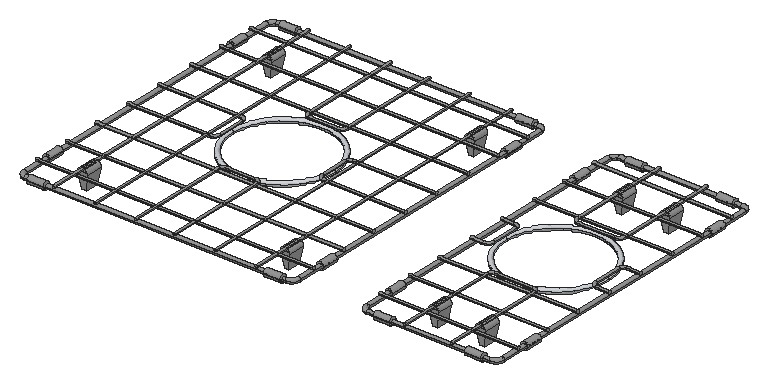
Revit family "ALMA-SGRID010-Clara_595_Double_Sink_Protector_Grid", category Generic Models, Revit 2026
Family settings
  Can host rebar = No
  Round Connector Dimension = Use Diameter
  Part Type = Normal
  Work Plane-Based = Yes
  Always vertical = Yes
  Cut with Voids When Loaded = No
  Maintain Annotation Orientation = No
  Shared = No
  Room Calculation Point = No
Parameters
  Grid_Material = BM_STAINLESS STEEL
  Default Elevation = 1219.2 mm
  Bumper_material = BM_MATTE BLACK
Reference planes
  plane 1 "Center (Front/Back)": y = 0
  plane 2: z = 0
  plane 3 "Center (Left/Right)": x = 0
  plane 4: x = -40
  plane 5: x = -380
  plane 6: y = 195
  plane 7: y = -195
  plane 8: x = -210
  plane 9: y = -64.46
  plane 10: y = -151
  plane 11: y = 151
  plane 12: x = 40
  plane 13: x = 210
  plane 14: x = 125
  plane 15: x = 102
  plane 16: x = 148
Forms (mm)
  Sweep 1, solid
    path origin (0, 0, 2.5) x (1, 0, 0) y (0, 1, 0)
      loop
        circle (-210, 0) r 62.5
    profile origin (-210, 62.5, 2.5) x (0, -1, 0) y (0, 0, 1)
      loop
        circle (0, 0) r 2.5
  Sweep 2, solid, material "BM_STAINLESS STEEL" <- "Grid_Material"
    path origin (0, 0, 2.5) x (1, 0, 0) y (0, 1, 0)
      loop
        arc (-370, 192.5) -> (-375.303, 190.303) -> (-377.5, 185) r 7.5
        line (-377.5, 185) -> (-377.5, -185)
        arc (-377.5, -185) -> (-375.303, -190.303) -> (-370, -192.5) r 7.5
        line (-370, -192.5) -> (-50, -192.5)
        arc (-50, -192.5) -> (-44.697, -190.303) -> (-42.5, -185) r 7.5
        line (-42.5, -185) -> (-42.5, 185)
        arc (-42.5, 185) -> (-44.697, 190.303) -> (-50, 192.5) r 7.5
        line (-50, 192.5) -> (-370, 192.5)
    profile origin (-210, 192.5, 2.5) x (0, 1, 0) y (0, 0, 1)
      loop
        circle (0, 0) r 2.5
  Extrusion 3, solid, material "BM_STAINLESS STEEL" <- "Grid_Material"
    sketch origin (0, 31.539, 6.5) x (0, 1, 0) y (0, 0, 1)
      loop
        circle (-195.029, 0) r 1.5
    from -380 to -40
  Extrusion 4, solid, material "BM_STAINLESS STEEL" <- "Grid_Material"
    sketch origin (0, 77.039, 6.5) x (0, 1, 0) y (0, 0, 1)
      loop
        circle (-195.029, 0) r 1.5
    from -380 to -40
  Extrusion 5, solid, material "BM_STAINLESS STEEL" <- "Grid_Material"
    sketch origin (0, 122.539, 6.5) x (0, 1, 0) y (0, 0, 1)
      loop
        circle (-195.029, 0) r 1.5
    from -380 to -40
  Extrusion 6, solid, material "BM_STAINLESS STEEL" <- "Grid_Material"
    sketch origin (0, -31.539, 6.5) x (0, -1, 0) y (0, 0, -1)
      loop
        circle (-195.029, 0) r 1.5
    from -380 to -40
  Extrusion 7, solid, material "BM_STAINLESS STEEL" <- "Grid_Material"
    sketch origin (0, -77.039, 6.5) x (0, -1, 0) y (0, 0, -1)
      loop
        circle (-195.029, 0) r 1.5
    from -380 to -40
  Extrusion 8, solid, material "BM_STAINLESS STEEL" <- "Grid_Material"
    sketch origin (0, -122.539, 6.5) x (0, -1, 0) y (0, 0, -1)
      loop
        circle (-195.029, 0) r 1.5
    from -380 to -40
  Sweep 9, solid, material "BM_STAINLESS STEEL" <- "Grid_Material"
    path origin (0, 0, 6.5) x (1, 0, 0) y (0, 1, 0)
      loop
        line (-380, -23.5) -> (-279, -23.5)
        arc (-279, -23.5) -> (-274.757, -21.743) -> (-273, -17.5) r 6
        line (-273, -17.5) -> (-273, 17.5)
        arc (-273, 17.5) -> (-274.757, 21.743) -> (-279, 23.5) r 6
        line (-279, 23.5) -> (-380, 23.5)
    profile origin (-329.5, -23.5, 6.5) x (0, 1, 0) y (0, 0, 1)
      loop
        circle (0, 0) r 1.5
  Sweep 10, solid, material "BM_STAINLESS STEEL" <- "Grid_Material"
    path origin (-420, 0, 6.5) x (-1, 0, 0) y (0, -1, 0)
      loop
        line (-380, 23.5) -> (-279, 23.5)
        arc (-279, 23.5) -> (-274.757, 21.743) -> (-273, 17.5) r 6
        line (-273, 17.5) -> (-273, -17.5)
        arc (-273, -17.5) -> (-274.757, -21.743) -> (-279, -23.5) r 6
        line (-279, -23.5) -> (-380, -23.5)
    profile origin (-90.5, -23.5, 6.5) x (0, -1, 0) y (0, 0, 1)
      loop
        circle (0, 0) r 1.5
  Revolve 11, solid, material "BM_MATTE BLACK" <- "Bumper_material"
    sketch origin (0, 0, 2.5) x (1, 0, 0) y (0, 1, 0)
      loop
        line (-377.75, 151) -> (-377.75, 131) -> (-373.25, 131) -> (-373.25, 151) -> (-377.75, 151)
      axis (-377.75, 131) -> (-377.75, 151)
    angle from 0 to 360
  Revolve 12, solid, material "BM_MATTE BLACK" <- "Bumper_material"
    sketch origin (0, 0, 2.5) x (1, 0, 0) y (0, 1, 0)
      loop
        line (-377.75, -151) -> (-373.25, -151) -> (-373.25, -131) -> (-377.75, -131) -> (-377.75, -151)
      axis (-377.75, -131) -> (-377.75, -151)
    angle from 0 to 360
  Extrusion 13, solid, material "BM_STAINLESS STEEL" <- "Grid_Material"
    sketch origin (-138.486, 260, 6.5) x (1, 0, 0) y (0, 0, -1)
      loop
        circle (-195.029, 0) r 1.5
    from -455 to -65
  Extrusion 14, solid, material "BM_STAINLESS STEEL" <- "Grid_Material"
    sketch origin (-87.94, 260, 6.5) x (1, 0, 0) y (0, 0, -1)
      loop
        circle (-195.029, 0) r 1.5
    from -455 to -65
  Extrusion 15, solid, material "BM_STAINLESS STEEL" <- "Grid_Material"
    sketch origin (-280.577, 260, 6.5) x (-1, 0, 0) y (0, 0, 1)
      loop
        circle (-195.029, 0) r 1.5
    from -455 to -65
  Extrusion 16, solid, material "BM_STAINLESS STEEL" <- "Grid_Material"
    sketch origin (-331.12, 260, 6.5) x (-1, 0, 0) y (0, 0, 1)
      loop
        circle (-195.029, 0) r 1.5
    from -455 to -65
  Revolve 17, solid, material "BM_MATTE BLACK" <- "Bumper_material"
    sketch origin (0, 25, 2.5) x (1, 0, 0) y (0, 1, 0)
      loop
        line (-364.943, -212.982) -> (-364.943, -217.482) -> (-344.943, -217.482) -> (-344.943, -212.982) -> (-364.943, -212.982)
      axis (-364.943, -217.482) -> (-344.943, -217.482)
    angle from 0 to 360
  Revolve 18, solid, material "BM_MATTE BLACK" <- "Bumper_material"
    sketch origin (-420, 25, 2.5) x (-1, 0, 0) y (0, -1, 0)
      loop
        line (-364.943, 212.982) -> (-344.943, 212.982) -> (-344.943, 217.482) -> (-364.943, 217.482) -> (-364.943, 212.982)
      axis (-364.943, 217.482) -> (-344.943, 217.482)
    angle from 0 to 360
  Revolve 19, solid, material "BM_MATTE BLACK" <- "Bumper_material"
    sketch origin (0, -25, 2.5) x (1, 0, 0) y (0, 1, 0)
      loop
        line (-364.943, 212.982) -> (-344.943, 212.982) -> (-344.943, 217.482) -> (-364.943, 217.482) -> (-364.943, 212.982)
      axis (-364.943, 217.482) -> (-344.943, 217.482)
    angle from 0 to 360
  Revolve 20, solid, material "BM_MATTE BLACK" <- "Bumper_material"
    sketch origin (-420, -25, 2.5) x (-1, 0, 0) y (0, -1, 0)
      loop
        line (-364.943, -212.982) -> (-364.943, -217.482) -> (-344.943, -217.482) -> (-344.943, -212.982) -> (-364.943, -212.982)
      axis (-364.943, -217.482) -> (-344.943, -217.482)
    angle from 0 to 360
  Sweep 21, solid, material "BM_STAINLESS STEEL" <- "Grid_Material"
    path origin (-209.591, -160, 6.5) x (0, -1, 0) y (1, 0, 0)
      loop
        line (-355, -23.5) -> (-229, -23.5)
        arc (-229, -23.5) -> (-224.757, -21.743) -> (-223, -17.5) r 6
        line (-223, -17.5) -> (-223, 17.5)
        arc (-223, 17.5) -> (-224.757, 21.743) -> (-229, 23.5) r 6
        line (-229, 23.5) -> (-355, 23.5)
    profile origin (-233.091, 132, 6.5) x (1, 0, 0) y (0, 0, 1)
      loop
        circle (0, 0) r 1.5
  Sweep 22, solid, material "BM_STAINLESS STEEL" <- "Grid_Material"
    path origin (-209.591, 160, 6.5) x (0, 1, 0) y (-1, 0, 0)
      loop
        line (-355, 23.5) -> (-229, 23.5)
        arc (-229, 23.5) -> (-224.757, 21.743) -> (-223, 17.5) r 6
        line (-223, 17.5) -> (-223, -17.5)
        arc (-223, -17.5) -> (-224.757, -21.743) -> (-229, -23.5) r 6
        line (-229, -23.5) -> (-355, -23.5)
    profile origin (-233.091, -132, 6.5) x (-1, 0, 0) y (0, 0, 1)
      loop
        circle (0, 0) r 1.5
  Revolve 23, solid, material "BM_MATTE BLACK" <- "Bumper_material"
    sketch origin (-420, 13.426, 2.5) x (-1, 0, 0) y (0, -1, 0)
      loop
        line (-377.75, 164.426) -> (-377.75, 144.426) -> (-373.25, 144.426) -> (-373.25, 164.426) -> (-377.75, 164.426)
      axis (-377.75, 144.426) -> (-377.75, 164.426)
    angle from 0 to 360
  Extrusion 24, solid, material "BM_MATTE BLACK" <- "Bumper_material"
    sketch origin (-62.911, -131, 6.98) x (1, 0, 0) y (0, 0, 1)
      loop
        line (-28.577, -5.763) -> (-25.582, -23.995) -> (-19.74, -23.995) -> (-16.736, -5.766)
        arc (-16.736, -5.766) -> (-17.629, -1.516) -> (-21.157, 1.019) r 6
        line (-21.157, 1.019) -> (-21.157, -0.48)
        arc (-21.157, -0.48) -> (-22.657, -1.98) -> (-24.157, -0.48) r 1.5
        line (-24.157, -0.48) -> (-24.157, 1.019)
        arc (-24.157, 1.019) -> (-27.683, -1.514) -> (-28.577, -5.763) r 6
    from 0 to 20
  Extrusion 25, void
    sketch origin (0, 13.034, -0.599) x (0, 1, 0) y (0, 0, 1)
      loop
        line (-142.908, 4.018) -> (-144.034, 4.018) -> (-146.642, -16.415) -> (-142.908, -16.415) -> (-142.908, 4.018)
      loop
        line (-165.159, 4.018) -> (-165.159, -16.415) -> (-161.425, -16.415) -> (-164.034, 4.018) -> (-165.159, 4.018)
    from -93.255 to -77.896
  Extrusion 26, solid, material "BM_MATTE BLACK" <- "Bumper_material"
    sketch origin (-356.171, -131, 6.98) x (-1, 0, 0) y (0, 0, -1)
      loop
        arc (-28.577, 5.763) -> (-27.683, 1.514) -> (-24.157, -1.019) r 6
        line (-24.157, -1.019) -> (-24.157, 0.48)
        arc (-24.157, 0.48) -> (-22.657, 1.98) -> (-21.157, 0.48) r 1.5
        line (-21.157, 0.48) -> (-21.157, -1.019)
        arc (-21.157, -1.019) -> (-17.629, 1.516) -> (-16.736, 5.766) r 6
        line (-16.736, 5.766) -> (-19.74, 23.995) -> (-25.582, 23.995) -> (-28.577, 5.763)
    from 0 to 20
  Extrusion 27, void
    sketch origin (-419.083, 13.034, -0.599) x (0, 1, 0) y (0, 0, -1)
      loop
        line (-142.908, -4.018) -> (-142.908, 16.415) -> (-146.642, 16.415) -> (-144.034, -4.018) -> (-142.908, -4.018)
      loop
        line (-165.159, -4.018) -> (-164.034, -4.018) -> (-161.425, 16.415) -> (-165.159, 16.415) -> (-165.159, -4.018)
    from -93.255 to -77.896
  Revolve 28, solid, material "BM_MATTE BLACK" <- "Bumper_material"
    sketch origin (-420, -13.426, 2.5) x (-1, 0, 0) y (0, -1, 0)
      loop
        line (-377.75, -164.426) -> (-373.25, -164.426) -> (-373.25, -144.426) -> (-377.75, -144.426) -> (-377.75, -164.426)
      axis (-377.75, -144.426) -> (-377.75, -164.426)
    angle from 0 to 360
  Extrusion 29, solid, material "BM_MATTE BLACK" <- "Bumper_material"
    sketch origin (-62.911, 131, 6.98) x (1, 0, 0) y (0, 0, -1)
      loop
        arc (-28.577, 5.763) -> (-27.683, 1.514) -> (-24.157, -1.019) r 6
        line (-24.157, -1.019) -> (-24.157, 0.48)
        arc (-24.157, 0.48) -> (-22.657, 1.98) -> (-21.157, 0.48) r 1.5
        line (-21.157, 0.48) -> (-21.157, -1.019)
        arc (-21.157, -1.019) -> (-17.629, 1.516) -> (-16.736, 5.766) r 6
        line (-16.736, 5.766) -> (-19.74, 23.995) -> (-25.582, 23.995) -> (-28.577, 5.763)
    from 0 to 20
  Extrusion 30, void
    sketch origin (0, -13.034, -0.599) x (0, -1, 0) y (0, 0, -1)
      loop
        line (-142.908, -4.018) -> (-142.908, 16.415) -> (-146.642, 16.415) -> (-144.034, -4.018) -> (-142.908, -4.018)
      loop
        line (-165.159, -4.018) -> (-164.034, -4.018) -> (-161.425, 16.415) -> (-165.159, 16.415) -> (-165.159, -4.018)
    from -93.255 to -77.896
  Extrusion 31, solid, material "BM_MATTE BLACK" <- "Bumper_material"
    sketch origin (-356.171, 131, 6.98) x (-1, 0, 0) y (0, 0, 1)
      loop
        line (-28.577, -5.763) -> (-25.582, -23.995) -> (-19.74, -23.995) -> (-16.736, -5.766)
        arc (-16.736, -5.766) -> (-17.629, -1.516) -> (-21.157, 1.019) r 6
        line (-21.157, 1.019) -> (-21.157, -0.48)
        arc (-21.157, -0.48) -> (-22.657, -1.98) -> (-24.157, -0.48) r 1.5
        line (-24.157, -0.48) -> (-24.157, 1.019)
        arc (-24.157, 1.019) -> (-27.683, -1.514) -> (-28.577, -5.763) r 6
    from 0 to 20
  Extrusion 32, void
    sketch origin (-419.083, -13.034, -0.599) x (0, -1, 0) y (0, 0, 1)
      loop
        line (-142.908, 4.018) -> (-144.034, 4.018) -> (-146.642, -16.415) -> (-142.908, -16.415) -> (-142.908, 4.018)
      loop
        line (-165.159, 4.018) -> (-165.159, -16.415) -> (-161.425, -16.415) -> (-164.034, 4.018) -> (-165.159, 4.018)
    from -93.255 to -77.896
  Sweep 33, solid
    path origin (-85, 0, 2.5) x (-1, 0, 0) y (0, -1, 0)
      loop
        circle (-210, 0) r 62.5
    profile origin (125, 62.5, 2.5) x (0, 1, 0) y (0, 0, 1)
      loop
        circle (0, 0) r 2.5
  Sweep 34, solid, material "BM_STAINLESS STEEL" <- "Grid_Material"
    path origin (-85, 0, 2.5) x (-1, 0, 0) y (0, -1, 0)
      loop
        line (-285, -192.5) -> (-134.268, -192.5)
        arc (-134.268, -192.5) -> (-128.964, -190.303) -> (-126.768, -185) r 7.5
        line (-126.768, -185) -> (-126.768, 185)
        arc (-126.768, 185) -> (-128.964, 190.303) -> (-134.268, 192.5) r 7.5
        line (-134.268, 192.5) -> (-285, 192.5)
        arc (-285, 192.5) -> (-290.303, 190.303) -> (-292.5, 185) r 7.5
        line (-292.5, 185) -> (-292.5, -185)
        arc (-292.5, -185) -> (-290.303, -190.303) -> (-285, -192.5) r 7.5
    profile origin (124.634, 192.5, 2.5) x (0, -1, 0) y (0, 0, 1)
      loop
        circle (0, 0) r 2.5
  Extrusion 35, solid, material "BM_STAINLESS STEEL" <- "Grid_Material"
    sketch origin (-85, 31.539, 6.5) x (0, 1, 0) y (0, 0, -1)
      loop
        circle (-195.029, 0) r 1.5
    from -295 to -125
  Extrusion 36, solid, material "BM_STAINLESS STEEL" <- "Grid_Material"
    sketch origin (-85, 77.039, 6.5) x (0, 1, 0) y (0, 0, -1)
      loop
        circle (-195.029, 0) r 1.5
    from -295 to -125
  Extrusion 37, solid, material "BM_STAINLESS STEEL" <- "Grid_Material"
    sketch origin (-85, 122.539, 6.5) x (0, 1, 0) y (0, 0, -1)
      loop
        circle (-195.029, 0) r 1.5
    from -295 to -125
  Extrusion 38, solid, material "BM_STAINLESS STEEL" <- "Grid_Material"
    sketch origin (-85, -31.539, 6.5) x (0, -1, 0) y (0, 0, 1)
      loop
        circle (-195.029, 0) r 1.5
    from -295 to -125
  Extrusion 39, solid, material "BM_STAINLESS STEEL" <- "Grid_Material"
    sketch origin (-85, -77.039, 6.5) x (0, -1, 0) y (0, 0, 1)
      loop
        circle (-195.029, 0) r 1.5
    from -295 to -125
  Extrusion 40, solid, material "BM_STAINLESS STEEL" <- "Grid_Material"
    sketch origin (-85, -122.539, 6.5) x (0, -1, 0) y (0, 0, 1)
      loop
        circle (-195.029, 0) r 1.5
    from -295 to -125
  Sweep 41, solid, material "BM_STAINLESS STEEL" <- "Grid_Material"
    path origin (-85, 0, 6.5) x (-1, 0, 0) y (0, -1, 0)
      loop
        line (-295, 23.5) -> (-279, 23.5)
        arc (-279, 23.5) -> (-274.757, 21.743) -> (-273, 17.5) r 6
        line (-273, 17.5) -> (-273, -17.5)
        arc (-273, -17.5) -> (-274.757, -21.743) -> (-279, -23.5) r 6
        line (-279, -23.5) -> (-295, -23.5)
    profile origin (202, -23.5, 6.5) x (0, -1, 0) y (0, 0, 1)
      loop
        circle (0, 0) r 1.5
  Sweep 42, solid, material "BM_STAINLESS STEEL" <- "Grid_Material"
    path origin (335, 0, 6.5) x (1, 0, 0) y (0, 1, 0)
      loop
        line (-295, -23.5) -> (-279, -23.5)
        arc (-279, -23.5) -> (-274.757, -21.743) -> (-273, -17.5) r 6
        line (-273, -17.5) -> (-273, 17.5)
        arc (-273, 17.5) -> (-274.757, 21.743) -> (-279, 23.5) r 6
        line (-279, 23.5) -> (-295, 23.5)
    profile origin (48, -23.5, 6.5) x (0, 1, 0) y (0, 0, 1)
      loop
        circle (0, 0) r 1.5
  Sweep 43, solid, material "BM_STAINLESS STEEL" <- "Grid_Material"
    path origin (124.591, -160, 6.5) x (0, -1, 0) y (1, 0, 0)
      loop
        line (-355, 29.373) -> (-229, 29.373)
        arc (-229, 29.373) -> (-224.757, 27.616) -> (-223, 23.373) r 6
        line (-223, 23.373) -> (-223, -22.463)
        arc (-223, -22.463) -> (-224.757, -26.706) -> (-229, -28.463) r 6
        line (-229, -28.463) -> (-355, -28.463)
    profile origin (153.963, 132, 6.5) x (1, 0, 0) y (0, 0, 1)
      loop
        circle (0, 0) r 1.5
  Revolve 44, solid, material "BM_MATTE BLACK" <- "Bumper_material"
    sketch origin (424.062, -25, 2.5) x (1, 0, 0) y (0, 1, 0)
      loop
        line (-364.943, 212.982) -> (-344.943, 212.982) -> (-344.943, 217.482) -> (-364.943, 217.482) -> (-364.943, 212.982)
      axis (-364.943, 217.482) -> (-344.943, 217.482)
    angle from 0 to 360
  Revolve 45, solid, material "BM_MATTE BLACK" <- "Bumper_material"
    sketch origin (-174.062, -25, 2.5) x (-1, 0, 0) y (0, -1, 0)
      loop
        line (-364.943, -212.982) -> (-364.943, -217.482) -> (-344.943, -217.482) -> (-344.943, -212.982) -> (-364.943, -212.982)
      axis (-364.943, -217.482) -> (-344.943, -217.482)
    angle from 0 to 360
  Revolve 46, solid, material "BM_MATTE BLACK" <- "Bumper_material"
    sketch origin (424.062, 25, 2.5) x (1, 0, 0) y (0, 1, 0)
      loop
        line (-364.943, -212.982) -> (-364.943, -217.482) -> (-344.943, -217.482) -> (-344.943, -212.982) -> (-364.943, -212.982)
      axis (-364.943, -217.482) -> (-344.943, -217.482)
    angle from 0 to 360
  Revolve 47, solid, material "BM_MATTE BLACK" <- "Bumper_material"
    sketch origin (-174.062, 25, 2.5) x (-1, 0, 0) y (0, -1, 0)
      loop
        line (-364.943, 212.982) -> (-344.943, 212.982) -> (-344.943, 217.482) -> (-364.943, 217.482) -> (-364.943, 212.982)
      axis (-364.943, 217.482) -> (-344.943, 217.482)
    angle from 0 to 360
  Sweep 48, solid, material "BM_STAINLESS STEEL" <- "Grid_Material"
    path origin (124.591, 160, 6.5) x (0, 1, 0) y (-1, 0, 0)
      loop
        line (-355, -29.373) -> (-229, -29.373)
        arc (-229, -29.373) -> (-224.757, -27.616) -> (-223, -23.373) r 6
        line (-223, -23.373) -> (-223, 22.463)
        arc (-223, 22.463) -> (-224.757, 26.706) -> (-229, 28.463) r 6
        line (-229, 28.463) -> (-355, 28.463)
    profile origin (153.963, -132, 6.5) x (-1, 0, 0) y (0, 0, 1)
      loop
        circle (0, 0) r 1.5
  Extrusion 49, solid, material "BM_MATTE BLACK" <- "Bumper_material"
    sketch origin (73.471, -131, 6.98) x (-1, 0, 0) y (0, 0, -1)
      loop
        arc (-28.577, 5.763) -> (-27.683, 1.514) -> (-24.157, -1.019) r 6
        line (-24.157, -1.019) -> (-24.157, 0.48)
        arc (-24.157, 0.48) -> (-22.657, 1.98) -> (-21.157, 0.48) r 1.5
        line (-21.157, 0.48) -> (-21.157, -1.019)
        arc (-21.157, -1.019) -> (-17.629, 1.516) -> (-16.736, 5.766) r 6
        line (-16.736, 5.766) -> (-19.74, 23.995) -> (-25.582, 23.995) -> (-28.577, 5.763)
    from 0 to 20
  Extrusion 50, void
    sketch origin (10.559, 13.034, -0.599) x (0, 1, 0) y (0, 0, -1)
      loop
        line (-142.908, -4.018) -> (-142.908, 16.415) -> (-146.642, 16.415) -> (-144.034, -4.018) -> (-142.908, -4.018)
      loop
        line (-165.159, -4.018) -> (-164.034, -4.018) -> (-161.425, 16.415) -> (-165.159, 16.415) -> (-165.159, -4.018)
    from -93.255 to -77.896
  Extrusion 51, solid, material "BM_MATTE BLACK" <- "Bumper_material"
    sketch origin (176.529, -131, 6.98) x (1, 0, 0) y (0, 0, 1)
      loop
        line (-28.577, -5.763) -> (-25.582, -23.995) -> (-19.74, -23.995) -> (-16.736, -5.766)
        arc (-16.736, -5.766) -> (-17.629, -1.516) -> (-21.157, 1.019) r 6
        line (-21.157, 1.019) -> (-21.157, -0.48)
        arc (-21.157, -0.48) -> (-22.657, -1.98) -> (-24.157, -0.48) r 1.5
        line (-24.157, -0.48) -> (-24.157, 1.019)
        arc (-24.157, 1.019) -> (-27.683, -1.514) -> (-28.577, -5.763) r 6
    from 0 to 20
  Extrusion 52, void
    sketch origin (239.441, 13.034, -0.599) x (0, 1, 0) y (0, 0, 1)
      loop
        line (-142.908, 4.018) -> (-144.034, 4.018) -> (-146.642, -16.415) -> (-142.908, -16.415) -> (-142.908, 4.018)
      loop
        line (-165.159, 4.018) -> (-165.159, -16.415) -> (-161.425, -16.415) -> (-164.034, 4.018) -> (-165.159, 4.018)
    from -93.255 to -77.896
  Revolve 53, solid, material "BM_MATTE BLACK" <- "Bumper_material"
    sketch origin (419.517, 13.426, 2.5) x (1, 0, 0) y (0, 1, 0)
      loop
        line (-377.75, -164.426) -> (-373.25, -164.426) -> (-373.25, -144.426) -> (-377.75, -144.426) -> (-377.75, -164.426)
      axis (-377.75, -144.426) -> (-377.75, -164.426)
    angle from 0 to 360
  Revolve 54, solid, material "BM_MATTE BLACK" <- "Bumper_material"
    sketch origin (-170.25, 13.426, 2.5) x (-1, 0, 0) y (0, -1, 0)
      loop
        line (-377.75, 164.426) -> (-377.75, 144.426) -> (-373.25, 144.426) -> (-373.25, 164.426) -> (-377.75, 164.426)
      axis (-377.75, 144.426) -> (-377.75, 164.426)
    angle from 0 to 360
  Extrusion 55, solid, material "BM_MATTE BLACK" <- "Bumper_material"
    sketch origin (73.471, 131, 6.98) x (-1, 0, 0) y (0, 0, 1)
      loop
        line (-28.577, -5.763) -> (-25.582, -23.995) -> (-19.74, -23.995) -> (-16.736, -5.766)
        arc (-16.736, -5.766) -> (-17.629, -1.516) -> (-21.157, 1.019) r 6
        line (-21.157, 1.019) -> (-21.157, -0.48)
        arc (-21.157, -0.48) -> (-22.657, -1.98) -> (-24.157, -0.48) r 1.5
        line (-24.157, -0.48) -> (-24.157, 1.019)
        arc (-24.157, 1.019) -> (-27.683, -1.514) -> (-28.577, -5.763) r 6
    from 0 to 20
  Extrusion 56, void
    sketch origin (10.559, -13.034, -0.599) x (0, -1, 0) y (0, 0, 1)
      loop
        line (-142.908, 4.018) -> (-144.034, 4.018) -> (-146.642, -16.415) -> (-142.908, -16.415) -> (-142.908, 4.018)
      loop
        line (-165.159, 4.018) -> (-165.159, -16.415) -> (-161.425, -16.415) -> (-164.034, 4.018) -> (-165.159, 4.018)
    from -93.255 to -77.896
  Extrusion 57, solid, material "BM_MATTE BLACK" <- "Bumper_material"
    sketch origin (176.529, 131, 6.98) x (1, 0, 0) y (0, 0, -1)
      loop
        arc (-28.577, 5.763) -> (-27.683, 1.514) -> (-24.157, -1.019) r 6
        line (-24.157, -1.019) -> (-24.157, 0.48)
        arc (-24.157, 0.48) -> (-22.657, 1.98) -> (-21.157, 0.48) r 1.5
        line (-21.157, 0.48) -> (-21.157, -1.019)
        arc (-21.157, -1.019) -> (-17.629, 1.516) -> (-16.736, 5.766) r 6
        line (-16.736, 5.766) -> (-19.74, 23.995) -> (-25.582, 23.995) -> (-28.577, 5.763)
    from 0 to 20
  Extrusion 58, void
    sketch origin (239.441, -13.034, -0.599) x (0, -1, 0) y (0, 0, -1)
      loop
        line (-142.908, -4.018) -> (-142.908, 16.415) -> (-146.642, 16.415) -> (-144.034, -4.018) -> (-142.908, -4.018)
      loop
        line (-165.159, -4.018) -> (-164.034, -4.018) -> (-161.425, 16.415) -> (-165.159, 16.415) -> (-165.159, -4.018)
    from -93.255 to -77.896
  Revolve 59, solid, material "BM_MATTE BLACK" <- "Bumper_material"
    sketch origin (-170.25, -13.426, 2.5) x (-1, 0, 0) y (0, -1, 0)
      loop
        line (-377.75, -164.426) -> (-373.25, -164.426) -> (-373.25, -144.426) -> (-377.75, -144.426) -> (-377.75, -164.426)
      axis (-377.75, -144.426) -> (-377.75, -164.426)
    angle from 0 to 360
  Revolve 60, solid, material "BM_MATTE BLACK" <- "Bumper_material"
    sketch origin (419.517, -13.426, 2.5) x (1, 0, 0) y (0, 1, 0)
      loop
        line (-377.75, 164.426) -> (-377.75, 144.426) -> (-373.25, 144.426) -> (-373.25, 164.426) -> (-377.75, 164.426)
      axis (-377.75, 144.426) -> (-377.75, 164.426)
    angle from 0 to 360
Cuts and joins
  joined: Revolve 11, Revolve 12
  Extrusion 25 cuts Extrusion 24
  Extrusion 27 cuts Extrusion 26
  Extrusion 30 cuts Extrusion 29
  Extrusion 32 cuts Extrusion 31
  Extrusion 50 cuts Extrusion 49
  Extrusion 52 cuts Extrusion 51
  Extrusion 56 cuts Extrusion 55
  Extrusion 58 cuts Extrusion 57
Text (mm)
  text "Refer to www.buildmat.com.au for the most current product literature. \nAllow a +/- 5mm tolerance for dimensions shown in the product literature. \nPlease note product details are subject to change due to ongoing product development." at (-23.416, -485.673, 0), in view "Ref. Level"
Dimensions and locks
  plane 5 to plane 4 = 340 mm
  plane 6 to plane 7 = 390 mm
  plane 12 to plane 13 = 170 mm
  aligned and locked: level to plane 2
